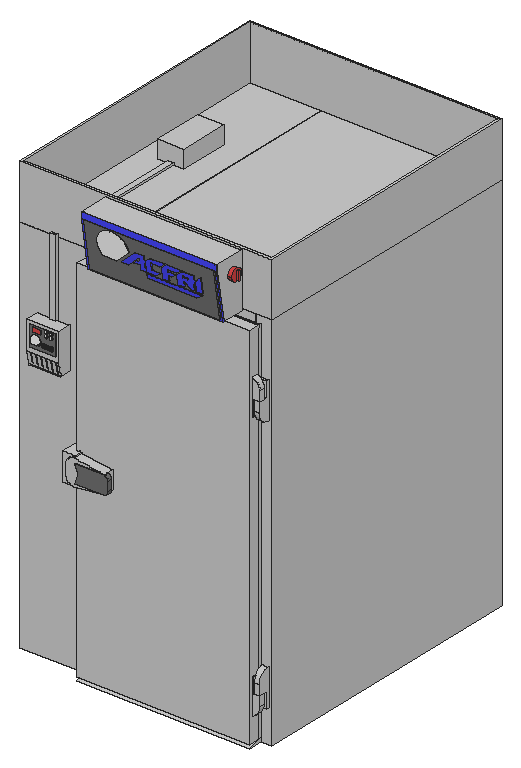
Revit family "QF_ACFRI_AR240-P850.190709093128", category Specialty Equipment, Revit 2016
Family settings
  Part Type = Normal
  Round Connector Dimension = Use Diameter
  OmniClass Number = 23.40.40.14
  OmniClass Title = Food Service Equipment
  Work Plane-Based = No
  Always vertical = Yes
  Cut with Voids When Loaded = No
  Shared = No
  Room Calculation Point = No
Parameters (values of type "AR240-P850_400V/3Ph/50Hz")
  URL catalogue = ""
  URL = "www.acfri.com"
  Type de Raccord Electrique [instance] = ""
  Type article [instance] = ""
  Tension = 400 V
  Status [instance] = ""
  Spécification technique = ""
  Spécification du Fabricant [instance] = ""
  Spécification de l'Utilisateur [instance] = ""
  SMACNA No spécifique pour les matériaux  Etats Unis = ""
  Quantité par lot [instance] = no
  Puissance électrique  = 12972 W
  Puissance en CV = ""
  Puissance Apparente = 12972 VA
  Protection de l'Appareil = 0 A
  Profondeur hors tout = 1495 mm
  Poids net à vide = 0.00 kg
  Phase = 3
  Numéro de Série = ""
  Nombres de Pôles = 3
  Nombre d'identification NAFEM = ""
  Model = "AR240-P850"
  Manufacturer = "ACFRI"
  Longueur hors tout = 1310 mm
  Intensité nominale courant electrique = 17 A
  Installé Par [instance] = ""
  Identifiant Equipement [instance] = no
  Hauteur hors tout = 2270 mm
  Hauteur de Raccordement du Sol Finis [instance] = 2023 mm
  Hauteur de Raccordement du Sol Brut [instance] = 0 mm
  Fréquence = 50 Hz
  Fournis Par [instance] = ""
  Description = "GROUPE À AIR À DISTANCE BASIC"
  Câble de connexion à l'appareil inclus = no
  Cost = 0
  Consommation d'énergie minimale = 0 A
  Connexion prise électrique  = ""
  Code de Révision [instance] = ""
  Classification dans le projet = ""
  Classement sismique = ""
  Accessoires = no
Reference planes
  plane 1 "Centre (avant/arrière)": y = 0
  plane 2: z = 0
  plane 3 "Centre (gauche/droite)": x = 0
Forms (mm)
  Extrusion 1, solid, not visible
    sketch origin (177, -474, 2022) x (1, 0, 0) y (0, 1, 0)
      loop
        line (0, 0) -> (2, 0) -> (2, 2) -> (0, 2) -> (0, 0)
    from 0 to 2
Dimensions and locks
  aligned and locked: level to plane 2
Nested families
  nested 1: "QF_ACFRI_AR240-P850_400V_3Ph_50Hz" at (0, 0, 0), type "AR240-P850_400V/3Ph/50Hz"
    with Show Logo yes, Show Clearance yes
  nested 2: "QF_ACFRI_AR160-STD_DOOR_RX" at (0, -350, 0), type "AR160-STD_DOOR_RX"
    with Show Logo yes, Show Clearance yes
Connectors
  electrical at (178, -472, 2023), driven by "Puissance Apparente", driven by "Nombres de Pôles", driven by "Tension"
    settings: on Extrusion 1, index 1, voltage 400 V, apparent load 0 VA, apparent load phase1 12972 VA, apparent load phase2 0 VA, apparent load phase3 0 VA, power factor 1, load classification "Other", number of poles 3, system type 31, power factor state 1, is connector primary yes, connector utility no, sub classification motor no, connector description "Electric connection for 'AR240-P850'"
Definition of nested family "QF_ACFRI_AR240-P850_400V_3Ph_50Hz"
  Parameters (values of type "AR240-P850_400V/3Ph/50Hz")
    URL = "www.acfri.com"
    Show Logo [instance] = yes
    Show Clearance [instance] = yes
    Model = "AR240-P850"
    Manufacturer = "ACFRI"
    Description = "BASIC REMOTE AIR COOLED CONDENSING UNIT"
    Assembly Code = "E1090320"
  Reference planes
    plane 1 "Back": y = 0
    plane 2: z = 0
    plane 3 "Left": x = 0
    plane 4 "Right": x = 1310
    plane 5 "Front": y = -1495
    plane 6 "Top": z = 2270
  Forms (mm)
    Extrusion 1, solid
      sketch origin (0, 0, -150) x (0, 1, 0) y (0, 0, 1)
        loop
          line (0, 2137.146) -> (-1495, 2137.146) -> (-1495, 150) -> (0, 150) -> (0, 2137.146)
      from 0 to 378.525
    Extrusion 2, solid
      sketch origin (435.596, -794.562, 360.649) x (0, 1, 0) y (0, 0, 1)
        loop
          line (-860.438, 1899.473) -> (-860.438, 1866.552) -> (-820.062, 1616.095) -> (-700.438, 1616.095) -> (-700.438, 1899.473) -> (-860.438, 1899.473)
      from 12.404 to 717.404
    Extrusion 3, solid
      sketch origin (0, -794.562, -150) x (1, 0, 0) y (0, 0, 1)
        loop
          line (353.044, 2098.234) -> (353.044, 167.649) -> (1253.452, 167.649) -> (1253.452, 2098.234) -> (353.044, 2098.234)
        loop
          line (378.525, 2072.928) -> (378.525, 187.955) -> (1227.971, 187.955) -> (1227.971, 2072.928) -> (378.525, 2072.928)
      from 700.438 to 711.223
    Extrusion 4, solid
      sketch origin (1248.08, 0, -150) x (0, 1, 0) y (0, 0, 1)
        loop
          line (0, 2137.146) -> (-1495, 2137.146) -> (-1495, 150) -> (0, 150) -> (0, 2137.146)
      from -20.109 to 61.92
    Extrusion 5, solid
      sketch origin (0, 0, -150) x (0, 1, 0) y (0, 0, 1)
        loop
          line (-1495, 2137.146) -> (-1495, 2072.928) -> (-68.458, 2072.928) -> (-68.458, 167) -> (-1495, 167) -> (-1495, 150) -> (0, 150) -> (0, 2137.146) -> (-1495, 2137.146)
      from 378.525 to 1227.971
    Extrusion 6, solid
      sketch origin (435.596, -794.562, 360.649) x (0, 1, 0) y (0, 0, 1)
        loop
          circle (-764.498, 1820.753) r 30.24
      from 717.404 to 742.404
    Extrusion 7, solid
      sketch origin (435.596, -794.562, 360.649) x (0, 1, 0) y (0, 0, 1)
        loop
          line (-759.416, 1843.51) -> (-767.3, 1843.902) -> (-769.581, 1797.996) -> (-761.696, 1797.604) -> (-759.416, 1843.51)
      from 742.404 to 757.404
    Extrusion 8, solid
      sketch origin (435.596, -794.562, 360.649) x (0, 1, 0) y (0, 0, 1)
        loop
          line (-860.438, 1866.552) -> (-862.464, 1866.552) -> (-823.174, 1622.834) -> (-821.149, 1622.834) -> (-860.438, 1866.552)
      from 26.504 to 703.304
    Extrusion 9, solid
      sketch origin (435.596, -794.562, 360.649) x (0, 1, 0) y (0, 0, 1)
        loop
          line (-859.438, 1899.473) -> (-861.438, 1899.473) -> (-861.438, 1866.392) -> (-821.088, 1616.095) -> (-819.062, 1616.095) -> (-859.438, 1866.552) -> (-859.438, 1899.473)
      from 12.404 to 717.404
    Extrusion 10, solid, visible <- "Show Logo"
      sketch origin (488.105, -1574.491, 1721.514) x (1, 0, 0) y (0, -0.159156, 0.987253)
        loop
          line (129.695, 367.647) -> (196.524, 434.476)
          arc (196.524, 434.476) -> (78.635, 500.079) -> (52.881, 367.647) r 83.333
          line (52.881, 367.647) -> (129.695, 367.647)
      from 0 to 2.5
    Extrusion 11, solid, visible <- "Show Logo"
      sketch origin (323.066, -1574.491, 1721.514) x (1, 0, 0) y (0, -0.159156, 0.987253)
        loop
          line (318.631, 367.647) -> (353.299, 367.647) -> (418.664, 433.012) -> (418.664, 406.346) -> (398.768, 406.346) -> (383.537, 391.115) -> (418.664, 391.115) -> (418.664, 367.647) -> (441.167, 367.647) -> (441.167, 447.647) -> (398.631, 447.647) -> (318.631, 367.647)
        loop
          line (448.944, 367.647) -> (493.774, 367.647) -> (521.549, 389.347) -> (479.182, 389.347) -> (479.182, 425.709) -> (524.998, 425.709) -> (553.077, 447.647) -> (475.047, 447.647) -> (448.944, 427.254) -> (448.944, 367.647)
        loop
          line (532.515, 367.647) -> (565.319, 367.647) -> (565.319, 394.314) -> (583.754, 394.314) -> (607.252, 414.031) -> (565.319, 414.031) -> (565.319, 425.49) -> (611.115, 425.49) -> (639.475, 447.647) -> (562.906, 447.647) -> (532.515, 422.146) -> (532.515, 367.647)
        loop
          line (611.712, 367.647) -> (644.318, 367.647) -> (644.318, 395.695) -> (682.923, 367.647) -> (702.113, 367.647) -> (702.113, 386.053) -> (689.341, 396.77) -> (702.113, 406.748) -> (702.113, 447.647) -> (647.314, 447.647) -> (611.712, 417.774) -> (611.712, 367.647)
        loop
          line (644.318, 425.49) -> (644.318, 414.031) -> (672.553, 414.031) -> (672.553, 425.49) -> (644.318, 425.49)
        loop
          line (708.789, 367.647) -> (739.436, 367.647) -> (739.436, 447.647) -> (708.789, 423.703) -> (708.789, 367.647)
        loop
          line (448.944, 360.305) -> (448.944, 337.873) -> (706.045, 337.873) -> (739.301, 360.305) -> (448.944, 360.305)
      from 0 to 2.5
    Extrusion 12, solid
      sketch origin (0, 0, 363.091) x (1, 0, 0) y (0, 1, 0)
        loop
          line (0, 0) -> (0, -1495) -> (1310, -1495) -> (1310, 0) -> (0, 0)
        loop
          line (10, -10) -> (10, -1485) -> (1300, -1485) -> (1300, -10) -> (10, -10)
      from 1624.055 to 1906.909
    Extrusion 13, solid
      sketch origin (0, -510, 0) x (0, 1, 0) y (0, 0, 1)
        loop
          line (-985, 0) -> (-985, 17) -> (-1055, 0) -> (-985, 0)
      from 353.044 to 1253.452
    Extrusion 14, solid
      sketch origin (0, 0, 0) x (1, 0, 0) y (0, 1, 0)
        loop
          line (365.002, 35) -> (365.002, 0) -> (435.123, 0) -> (435.123, 35) -> (365.002, 35)
        loop
          line (1192.879, 35) -> (1192.879, 0) -> (1263, 0) -> (1263, 35) -> (1192.879, 35)
      from 0 to 2070
    Extrusion 15, solid
      sketch origin (0, -385, 0) x (1, 0, 0) y (0, 0, 1)
        loop
          line (163.379, 1997.56) -> (163.379, 1594.193) -> (193.078, 1594.193) -> (193.078, 1997.56) -> (163.379, 1997.56)
      from 1110 to 1120.414
    Extrusion 16, solid
      sketch origin (0, -385, 0) x (0, 1, 0) y (0, 0, 1)
        loop
          line (-1110, 1594.193) -> (-1180, 1594.193) -> (-1180, 1444.978) -> (-1169, 1383.958) -> (-1169, 1378.958) -> (-1110, 1378.958) -> (-1110, 1594.193)
      from 91.465 to 255.957
    Extrusion 17, void
      sketch origin (0, -350, 0) x (1, 0, 0) y (0, 0, 1)
        loop
          line (110.072, 1444.978) -> (110.072, 1378.958) -> (115.036, 1378.958) -> (115.036, 1444.978) -> (110.072, 1444.978)
        loop
          line (136.342, 1444.978) -> (136.342, 1378.958) -> (141.306, 1378.958) -> (141.306, 1444.978) -> (136.342, 1444.978)
        loop
          line (162.612, 1444.978) -> (162.612, 1378.958) -> (167.575, 1378.958) -> (167.575, 1444.978) -> (162.612, 1444.978)
        loop
          line (188.881, 1444.978) -> (188.881, 1378.958) -> (193.845, 1378.958) -> (193.845, 1444.978) -> (188.881, 1444.978)
        loop
          line (215.151, 1444.978) -> (215.151, 1378.958) -> (220.115, 1378.958) -> (220.115, 1444.978) -> (215.151, 1444.978)
        loop
          line (241.421, 1444.978) -> (241.421, 1378.958) -> (246.384, 1378.958) -> (246.384, 1444.978) -> (241.421, 1444.978)
      from 1200.255 to 1243.146
    Extrusion 18, solid
      sketch origin (0, -2739.193, 877.146) x (1, 0, 0) y (0, 1, 0)
        loop
          line (163.379, 2001.744) -> (163.379, 1254.193) -> (193.078, 1254.193) -> (193.078, 2001.744) -> (163.379, 2001.744)
      from 1110 to 1120.414
    Extrusion 19, solid
      sketch origin (0, 0, 0) x (1, 0, 0) y (0, 1, 0)
        loop
          line (108.228, -737.449) -> (248.228, -737.449) -> (248.228, -477.449) -> (108.228, -477.449) -> (108.228, -737.449)
      from 1987.146 to 2077.146
    Extrusion 20, solid
      sketch origin (0, -472.449, 0) x (1, 0, 0) y (0, 0, 1)
        loop
          circle (178.228, 2032.146) r 5
      from 0 to 5
    Extrusion 21, solid
      sketch origin (12.756, -1565, 1122.716) x (1, 0, 0) y (0, 0, 1)
        loop
          line (93.554, 456.477) -> (93.554, 347.31) -> (228.354, 347.31) -> (228.354, 456.477) -> (93.554, 456.477)
      from 0 to 2
    Extrusion 22, solid
      sketch origin (12.756, -1565, 1122.716) x (1, 0, 0) y (0, 0, 1)
        loop
          line (108.554, 446.477) -> (108.554, 426.477) -> (153.209, 426.477) -> (153.209, 446.477) -> (108.554, 446.477)
      from 0 to 2.5
    Extrusion 23, solid
      sketch origin (12.756, -1565, 1122.716) x (1, 0, 0) y (0, 0, 1)
        loop
          circle (180.595, 446.477) r 7.041
        loop
          circle (205.595, 446.477) r 6.977
        loop
          circle (180.595, 426.477) r 6.969
        loop
          circle (205.595, 426.477) r 6.966
      from 0 to 2.5
    Extrusion 24, solid, visible <- "Show Logo"
      sketch origin (12.756, -1565, 1122.716) x (1, 0, 0) y (0, 0, 1)
        loop
          arc (151.176, 389.128) -> (113.283, 410.215) -> (105.005, 367.647) r 26.786
          line (105.005, 367.647) -> (129.695, 367.647) -> (151.176, 389.128)
      from 0 to 2.5
    Extrusion 25, solid, visible <- "Show Logo"
      sketch origin (12.756, -1565, 1122.716) x (1, 0, 0) y (0, 0, 1)
        loop
          line (137.376, 372.576) -> (143.877, 372.576) -> (156.132, 384.832) -> (156.132, 379.832) -> (152.402, 379.832) -> (149.546, 376.976) -> (156.132, 376.976) -> (156.132, 372.576) -> (160.352, 372.576) -> (160.352, 387.576) -> (152.376, 387.576) -> (137.376, 372.576)
        loop
          line (161.81, 372.576) -> (170.216, 372.576) -> (175.423, 376.645) -> (167.48, 376.645) -> (167.48, 383.463) -> (176.07, 383.463) -> (181.335, 387.576) -> (166.704, 387.576) -> (161.81, 383.752) -> (161.81, 372.576)
        loop
          line (177.48, 372.576) -> (183.63, 372.576) -> (183.63, 377.576) -> (187.087, 377.576) -> (191.493, 381.273) -> (183.63, 381.273) -> (183.63, 383.421) -> (192.217, 383.421) -> (197.534, 387.576) -> (183.178, 387.576) -> (177.48, 382.794) -> (177.48, 372.576)
        loop
          line (192.329, 372.576) -> (198.443, 372.576) -> (198.443, 377.835) -> (205.681, 372.576) -> (209.279, 372.576) -> (209.279, 376.027) -> (206.884, 378.036) -> (209.279, 379.907) -> (209.279, 387.576) -> (199.004, 387.576) -> (192.329, 381.975) -> (192.329, 372.576)
        loop
          line (198.443, 383.421) -> (198.443, 381.273) -> (203.737, 381.273) -> (203.737, 383.421) -> (198.443, 383.421)
        loop
          line (210.531, 372.576) -> (216.277, 372.576) -> (216.277, 387.576) -> (210.531, 383.086) -> (210.531, 372.576)
        loop
          line (161.81, 371.199) -> (161.81, 366.993) -> (210.016, 366.993) -> (216.252, 371.199) -> (161.81, 371.199)
      from 0 to 2.5
  Cuts and joins
    Extrusion 17 cuts Extrusion 16
  Lines and regions (mm)
    symbolic lines
      curve 1: line (0, 0, 0) -> (1310, 0, 0)
      curve 2: line (0, -1495, 0) -> (0, 0, 0)
      curve 3: line (1310, -1495, 0) -> (0, -1495, 0)
      curve 4: line (1310, 0, 0) -> (1310, -1495, 0)
      curve 5: line (448, -1495, 0) -> (448, -1655, 0)
      curve 6: line (448, -1655, 0) -> (1153, -1655, 0)
      curve 7: line (1153, -1655, 0) -> (1153, -1495, 0)
      curve 8: line (1178, -1528.82, 0) -> (1153, -1528.82, 0)
      curve 9: line (1178, -1528.82, 0) -> (1178, -1589.3, 0)
      curve 10: line (1178, -1589.3, 0) -> (1153, -1589.3, 0)
      curve 11: line (1193, -1564.142, 0) -> (1193, -1553.977, 0)
      curve 12: line (1193, -1553.977, 0) -> (1178, -1553.977, 0)
      curve 13: line (1193, -1564.142, 0) -> (1178, -1564.142, 0)
      curve 14: line (10, -10, 0) -> (1300, -10, 0)
      curve 15: line (10, -1485, 0) -> (10, -10, 0)
      curve 16: line (1300, -1485, 0) -> (10, -1485, 0)
      curve 17: line (1300, -10, 0) -> (1300, -1485, 0)
      curve 18: line (353.044, -1495, 0) -> (353.044, -1565, 0)
      curve 19: line (1265.561, -1495, 0) -> (1265.561, -1565, 0)
      curve 20: line (353.044, -1565, 0) -> (448, -1565, 0)
      curve 21: line (1265.561, -1565, 0) -> (1178, -1565, 0)
      curve 22: line (365.002, 35, 0) -> (435.123, 35, 0)
      curve 23: line (435.123, 35, 0) -> (435.123, 0, 0)
      curve 24: line (365.002, 35, 0) -> (365.002, 0, 0)
      curve 25: line (1192.879, 35, 0) -> (1263, 35, 0)
      curve 26: line (1263, 35, 0) -> (1263, 0, 0)
      curve 27: line (1192.879, 35, 0) -> (1192.879, 0, 0)
      curve 28: line (91.465, -1565, 0) -> (91.465, -1495, 0)
      curve 29: line (255.957, -1565, 0) -> (255.957, -1495, 0)
      curve 30: line (91.465, -1565, 0) -> (255.957, -1565, 0)
      curve 31: line (108.228, -477.449, 0) -> (248.228, -477.449, 0)
      curve 32: line (108.228, -737.449, 0) -> (108.228, -477.449, 0)
      curve 33: line (248.228, -737.449, 0) -> (108.228, -737.449, 0)
      curve 34: line (248.228, -477.449, 0) -> (248.228, -737.449, 0)
      curve 35: line (163.379, -737.449, 0) -> (163.379, -1485, 0)
      curve 36: line (193.078, -1485, 0) -> (193.078, -737.449, 0)
  Dimensions and locks
    plane 3 "Left" to plane 4 "Right" = 1310 mm
    plane 5 "Front" to plane 1 "Back" = 1495 mm
    plane 6 "Top" to level = 2270 mm
    aligned and locked: level to plane 2
  Connectors
    electrical at (178.228, -472.449, 2032.146)
      settings: on Extrusion 20, index 2, voltage 0 V, apparent load 0 VA, apparent load phase1 0 VA, apparent load phase2 0 VA, apparent load phase3 0 VA, power factor 1, load classification none, number of poles 1, system type 31, power factor state 1, is connector primary yes, connector utility no, sub classification motor no, connector description "Electrical connection"
Definition of nested family "QF_ACFRI_AR160-STD_DOOR_RX"
  Parameters (values of type "AR160-STD_DOOR_RX")
    URL catalogue [instance] = ""
    URL = "www.acfri.com"
    Status [instance] = ""
    Spécification technique [instance] = ""
    Spécification du Fabricant [instance] = ""
    Spécification de l'Utilisateur [instance] = ""
    Show Logo [instance] = yes
    Show Clearance [instance] = yes
    SMACNA No spécifique pour les matériaux  Etats Unis [instance] = ""
    Quantité par lot [instance] = no
    Profondeur hors tout [instance] = 60 mm
    Poids net à vide [instance] = 0.00 kg
    Numéro de Série [instance] = ""
    Nombre d'identification NAFEM [instance] = ""
    Model = "AR160-STD_DOOR_RX"
    Manufacturer = "ACFRI"
    Longueur hors tout [instance] = 900 mm
    Installé Par [instance] = ""
    Identifiant Equipement [instance] = no
    Hauteur hors tout [instance] = 1930 mm
    Fournis Par [instance] = ""
    Description = "PORTE AVEC OUVERTURE DROITE"
    Cost = 0
    Code de Révision [instance] = ""
    Classification dans le projet [instance] = ""
    Classement sismique [instance] = ""
    Assembly Code = "E1090320"
    Accessoires [instance] = yes
  Reference planes
    plane 1 "Back": y = 0
    plane 2: z = 0
    plane 3 "Left": x = 0
    plane 4 "Right": x = 1310
    plane 5 "Front": y = -1145
    plane 6 "Top": z = 2270
  Forms (mm)
    Extrusion 1, solid
      sketch origin (0, -444.562, -150) x (1, 0, 0) y (0, 0, 1)
        loop
          line (353.044, 2098.234) -> (353.044, 167.649) -> (1253.452, 167.649) -> (1253.452, 2098.234) -> (353.044, 2098.234)
        loop
          line (378.525, 2072.928) -> (378.525, 187.955) -> (1227.971, 187.955) -> (1227.971, 2072.928) -> (378.525, 2072.928)
      from 700.438 to 711.223
    Extrusion 2, solid
      sketch origin (277.892, -160, 0) x (1, 0, 0) y (0, 0, 1)
        loop
          line (75.152, 1948.234) -> (75.152, 17.649) -> (975.561, 17.649) -> (975.561, 1948.234) -> (75.152, 1948.234)
      from 995.785 to 1055
    Extrusion 3, solid
      sketch origin (425.137, -160, 0) x (1, 0, 0) y (0, 0, 1)
        loop
          line (113.468, 1049.125) -> (-48.815, 1069.051)
          arc (-48.815, 1069.051) -> (-79.244, 1056.446) -> (-91.848, 1026.017) r 43.033
          line (-91.848, 1026.017) -> (-91.848, 978.102)
          arc (-91.848, 978.102) -> (-79.244, 947.673) -> (-48.815, 935.069) r 43.033
          line (-48.815, 935.069) -> (113.468, 954.995) -> (113.468, 1049.125)
      from 1055.785 to 1105.372
    Extrusion 4, solid
      sketch origin (425.137, -1271.785, 0) x (1, 0, 0) y (0, 0, 1)
        loop
          arc (134.453, 1025.73) -> (127.816, 1041.753) -> (111.793, 1048.39) r 22.66
          line (111.793, 1048.39) -> (-40.547, 1048.39)
          arc (-40.547, 1048.39) -> (-24.991, 1002.06) -> (-40.547, 955.73) r 76.77
          line (-40.547, 955.73) -> (111.793, 955.73)
          arc (111.793, 955.73) -> (127.816, 962.367) -> (134.453, 978.39) r 22.66
          line (134.453, 978.39) -> (134.453, 1025.73)
      from -19.846 to 0.154
    Extrusion 5, solid
      sketch origin (506.59, 30, 0) x (0, 1, 0) y (0, 0, 1)
        loop
          line (-1175, 1703.284) -> (-1185, 1703.284) -> (-1185, 1623.308) -> (-1233.008, 1623.308) -> (-1233.008, 1571.46)
          arc (-1233.008, 1571.46) -> (-1216.018, 1530.442) -> (-1175, 1513.452) r 58.008
          line (-1175, 1513.452) -> (-1175, 1703.284)
      from 756.862 to 786.362
    Extrusion 6, solid
      sketch origin (78.452, -1959.87, 3246.615) x (-1, 0, 0) y (0, 0, 1)
        loop
          line (-1175, -1703.284) -> (-1175, -1516.484)
          arc (-1175, -1516.484) -> (-1203.601, -1537.613) -> (-1214.5, -1571.46) r 58.008
          line (-1214.5, -1571.46) -> (-1214.5, -1623.308) -> (-1185, -1623.308) -> (-1185, -1703.284) -> (-1175, -1703.284)
      from 756.862 to 786.362
    Extrusion 7, solid
      sketch origin (506.59, 30, 1875.101) x (0, 1, 0) y (0, 0, 1)
        loop
          line (-1175, -1703.284) -> (-1175, -1513.452)
          arc (-1175, -1513.452) -> (-1216.018, -1530.442) -> (-1233.008, -1571.46) r 58.008
          line (-1233.008, -1571.46) -> (-1233.008, -1623.308) -> (-1185, -1623.308) -> (-1185, -1703.284) -> (-1175, -1703.284)
      from 756.862 to 786.362
    Extrusion 8, solid
      sketch origin (78.452, -1959.87, -1371.514) x (-1, 0, 0) y (0, 0, 1)
        loop
          line (-1175, 1703.284) -> (-1185, 1703.284) -> (-1185, 1623.308) -> (-1214.5, 1623.308) -> (-1214.5, 1571.46)
          arc (-1214.5, 1571.46) -> (-1203.601, 1537.613) -> (-1175, 1516.484) r 58.008
          line (-1175, 1516.484) -> (-1175, 1703.284)
      from 756.862 to 786.362
    Extrusion 9, solid
      sketch origin (308.605, -160, 0) x (1, 0, 0) y (0, 0, 1)
        loop
          line (67.717, 1069.051) -> (67.717, 1074.051) -> (0, 1074.051) -> (0, 930.069) -> (67.717, 930.069) -> (67.717, 935.069)
          arc (67.717, 935.069) -> (37.288, 947.673) -> (24.684, 978.102) r 43.033
          line (24.684, 978.102) -> (24.684, 1026.017)
          arc (24.684, 1026.017) -> (37.288, 1056.446) -> (67.717, 1069.051) r 43.033
      from 985 to 1091.939
    Extrusion 10, solid, visible <- "Show Clearance", detail levels coarse
      sketch origin (277.892, -160, 0) x (1, 0, 0) y (0, 1, 0)
        loop
          line (975.561, -1055) -> (54.019, -1055)
          arc (54.019, -1055) -> (303.054, -1685.058) -> (915.561, -1974.586) r 921.542
          line (915.561, -1974.586) -> (975.561, -1974.586) -> (975.561, -1055)
      from 17.649 to 1948.234
  Lines and regions (mm)
    symbolic lines, visible <- "Show Clearance"
      curve 1: line (1253.452, -2134.586, 0) -> (1253.452, -1215, 0)
      curve 2: line (1193.452, -2134.586, 0) -> (1253.452, -2134.586, 0)
      curve 3: line (1193.452, -2134.586, 0) -> (1193.452, -1215, 0)
      curve 4: arc (331.911, -1215, 0) -> (580.945, -1845.058, 0) -> (1193.452, -2134.586, 0) r 921.542
  Dimensions and locks
    plane 3 "Left" to plane 4 "Right" = 1310 mm
    plane 5 "Front" to plane 1 "Back" = 1145 mm
    plane 6 "Top" to level = 2270 mm
    aligned and locked: level to plane 2
